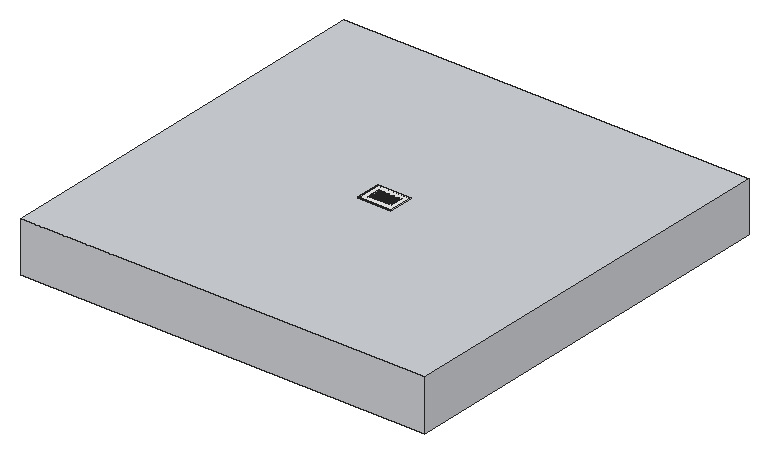
Revit family
Parameters (values of type "T54")
  Version = 2
  Series = "Tri-Flex"  # constant formula
  Rear Blade Spacing = 3/4"
  Product Page URL = "http://www.tuttleandbailey.com/site/site/ecatalog.aspx?model=5cc531cb-84ee-45da-9e02-cef68e8790bb"
  Overall Width [instance] = Duct Inlet Width + 0' 1 3/4"  # 0' - 7 3/4"
  Overall Height [instance] = Duct Inlet Height + 0' 1 3/4"  # 0' - 5 3/4"
  Overall Depth = 0' - 1 3/4"  # constant formula
  Location [instance] = ""
  Frame Void Offset = if(Front Blade Spacing = 0' 0 1/2", 0' 1 1/4", 0' 1 3/16")  # 0' - 1 3/16"
  Duct Inlet Width [instance] = if(Inlet Width < Minimum Inlet Width, Minimum Inlet Width, if(Inlet Width > Maximum Inlet Width, Maximum Inlet Width, Inlet Width))  # 6"
  Duct Inlet Height [instance] = if(Inlet Height < Minimum Inlet Height, Minimum Inlet Height, if(Inlet Height > Maximum Inlet Height, Maximum Inlet Height, Inlet Height))  # 4"
  Inlet Width [instance] = 6"
  Inlet Velocity [instance] = Design Supply Air Flow / (Inlet Width * Inlet Height)  # 0 FPM
  Inlet Height [instance] = 4"
  Grille Depth = Overall Depth - (Frame Thickness)  # 0' - 1 1/2"
  Vertical Blade Offset [instance] = if(Right Vertical Blade Array = Left Vertical Blade Array, 0' 0", Rear Blade Spacing / 2)  # 0"
  Velocity Pressure [instance] = 0.00 in-wg
  Top Horizontal Blade Array [instance] = if(Duct Inlet Height = 0' 6", Number of Horizontal Blades / 2, if(Duct Inlet Height = 1' 0", Number of Horizontal Blades / 2, if(Duct Inlet Height = 1' 6", Number of Horizontal Blades / 2, if(Duct Inlet Height = 2' 0", Number of Horizontal Blades / 2, if(Duct Inlet Height = 2' 6", Number of Horizontal Blades / 2, (Number of Horizontal Blades / 2) - 1)))))  # 2
  Right Vertical Blade Array [instance] = Number of Vertical Blades / 2  # 4
  Opening Width [instance] = Overall Width - (Frame Width * 2)  # 5 1/4"
  Opening Height [instance] = Overall Height - (Frame Width * 2)  # 3 1/4"
  Number of Vertical Blades [instance] = Opening Width / Rear Blade Spacing  # 7
  Number of Horizontal Blades [instance] = (Opening Height / Front Blade Spacing) + 1  # 5
  URL = "http://www.tuttleandbailey.com"
  Type Comments = ""
  Total Static Pressure [instance] = 0.00 in-wg
  Throw [instance] = ""
  Supply Air Pressure Drop [instance] = 0.00 in-wg
  Minimum Inlet Width = 0' 6"  # 6"
  Minimum Inlet Height = 0' 4"  # 4"
  Maximum Inlet Width = 12' 0"  # 144"
  Maximum Inlet Height = 8' 0"  # 96"
  Material = Steel - Tuttle & Bailey - White
  Noise Criteria (dB) [instance] = 0
  Model = "T54-SF-WH"
  Min Flow = 0 CFM
  Max Flow = 0 CFM
  Manufacturer Complete Model Number [instance] = ""
  Manufacturer = "Tuttle & Bailey"  # constant formula
  Left Vertical Blade Array [instance] = if(Duct Inlet Width = 0' 8", (Number of Vertical Blades / 2) + 1, if(Duct Inlet Width = 0' 10", (Number of Vertical Blades / 2) + 1, if(Duct Inlet Width = 1' 4", (Number of Vertical Blades / 2) + 1, if(Duct Inlet Width = 1' 10", (Number of Vertical Blades / 2) + 1, if(Duct Inlet Width = 2' 4", (Number of Vertical Blades / 2) + 1, if(Duct Inlet Width = 2' 10", (Number of Vertical Blades / 2) + 1, Number of Vertical Blades / 2))))))  # 4
  Horizonal Blade Offset [instance] = if(Bottom Horizontal Blade Array = Top Horizontal Blade Array, 0' 0", Front Blade Spacing / 2)  # 3/8"
  Front Blade Spacing = 3/4"
  Frame Width = 1 1/4"
  Frame Thickness = 1/4"
  Design Supply Air Flow [instance] = 0 CFM
  Description = "Double Deflection Adjustable Grille"
  Default Elevation = 8' - 0"
  Bottom Horizontal Blade Array [instance] = if(Duct Inlet Height = 1' 2", ((Number of Horizontal Blades / 2) - 1), if(Duct Inlet Height = 1' 8", ((Number of Horizontal Blades / 2) - 1), if(Duct Inlet Height = 2' 2", ((Number of Horizontal Blades / 2) - 1), if(Duct Inlet Height = 2' 8", ((Number of Horizontal Blades / 2) - 1), if(Duct Inlet Height = 3' 2", ((Number of Horizontal Blades / 2) - 1), if(Duct Inlet Height = 3' 8", ((Number of Horizontal Blades / 2) - 1), Number of Horizontal Blades / 2))))))  # 3
  Border Type = "Surface Mount"
  Blade Thickness = if(Front Blade Spacing = 0' 0 1/2", 0' 0 3/32", 0' 0 1/32")  # 0' - 0 1/32"
  Blade Deflection [instance] = 0.00°
  Grille Size Available [instance] = if(Inlet Width < Minimum Inlet Width, "Not Available", if(Inlet Width > Maximum Inlet Width, "Not Available", if(Inlet Height < Minimum Inlet Height, "Not Available", if(Inlet Height > Maximum Inlet Height, "Not Available", if(Inlet Width > 4' 0", "Multiple Sections", if(Inlet Height > 4' 0", "Multiple Sections", "Yes"))))))  # "Yes"
  Assembly Code = "D3040100"
  Arrow [instance] = yes
Types (3): name | Product Page URL | Frame Void Offset | Top Horizontal Blade Array | Number of Horizontal Blades | Material | Model | Horizonal Blade Offset | Front Blade Spacing | Description | Bottom Horizontal Blade Array | Blade Thickness
  T54 | "http://www.tuttleandbailey.com/site/site/ecatalog.aspx?model=5cc531cb-84ee-45da-9e02-cef68e8790bb" | 0' - 1 3/16" | 2 | 5 | Steel - Tuttle & Bailey - White | "T54-SF-WH" | 3/8" | 3/4" | "Double Deflection Adjustable Grille" | 3 | 0' - 0 1/32"
  A54 | "http://www.tuttleandbailey.com/site/site/ecatalog.aspx?model=c321c6e7-f61a-4cc2-a837-dcad2bd16e31" | 0' - 1 3/16" | 2 | 5 | Aluminum - Tuttle & Bailey - White | "A54-SF-WH" | 3/8" | 3/4" | "Double Deflection Adjustable Grille" | 3 | 0' - 0 1/32"
  T155H | "http://www.tuttleandbailey.com/site/site/ecatalog.aspx?model=0aa156c3-c1ee-401e-a658-097c6ef32f62" | 0' - 1 1/4" | 3 | 8 | Steel - Tuttle & Bailey - White | "T155H-SF-WH" | 1/4" | 1/2" | "Double Deflection Heavy Duty Adjustable Grille" | 4 | 0' - 0 3/32"
Reference planes (in)
  plane 1 "Center (Front/Back)": y = 0
  plane 2 ".": z = 0
  plane 3 "Center (Left/Right)": x = 0
  plane 4: z = 0.25
  plane 5: z = -1.5
  plane 6: x = 3.875
  plane 7: x = -3.875
  plane 8: y = 2.875
  plane 9: y = -2.875
  plane 10: z = 3.25
  plane 11: x = 1.5
  plane 12: x = -1.5
  plane 13: z = 23.25
  plane 14: z = -1.27721
  plane 15: z = 15.25
  plane 16: z = -0.65221
  plane 17: y = 0.375
  plane 18: x = 0
Forms (in)
  Extrusion 1, solid
    sketch origin (0, 0, 0) x (1, 0, 0) y (0, 1, 0)
      loop
        line (-48, 48) -> (-48, -48) -> (48, -48) -> (48, 48) -> (-48, 48)
    from 0 to -12
  Sweep 2, solid, material "Steel - Tuttle & Bailey - White" <- "Material"
    path origin (0, 0, 0.1875) x (1, 0, 0) y (0, 1, 0)
      loop
        line (-3.875, 2.875) -> (-3.875, -2.875) -> (3.875, -2.875) -> (3.875, 2.875) -> (-3.875, 2.875)
    profile origin (0, 2.875, 0.1875) x (0, 1, 0) y (0, 0, 1)
      loop
        line (-0.0625, -0.1875) -> (0, -0.1875) -> (0, 0.0625) -> (-1.25, 0.0625) -> (-1.25, -1.6875) -> (-1.125, -1.6875) -> (-1.125, 0) -> (-0.0625, 0) -> (-0.0625, -0.1875)
  Sweep 3, void
    path origin (0, 0, 0) x (1, 0, 0) y (0, 1, 0)
      loop
        line (-3.875, 2.875) -> (-3.875, -2.875) -> (3.875, -2.875) -> (3.875, 2.875) -> (-3.875, 2.875)
    profile origin (0, 2.875, 0) x (0, 1, 0) y (0, 0, 1)
      loop
        line (-1.1875, -1.5) -> (-1.125, -1.5) -> (-1.125, 0.1875) -> (-1.1875, 0.1875) -> (-1.1875, -1.5)
Cuts and joins
  Sweep 3 cuts Sweep 2
Lines and regions (in)
  model lines, visible <- "Arrow"
    curve 1: line (0, 0, 3.25) -> (0, 0, 15.25)
    curve 2: line (1.5, 0, 15.25) -> (-1.5, 0, 15.25)
    curve 3: line (-1.5, 0, 15.25) -> (0, 0, 23.25)
    curve 4: line (1.5, 0, 15.25) -> (0, 0, 23.25)
  symbolic lines, detail levels coarse+medium
    curve 5: line (-3, 0, 0.25) -> (3, 0, 0.25)
  symbolic lines
    curve 6: line (-3.875, 0, 0) -> (3.875, 0, 0)
  symbolic lines, detail levels fine
    curve 7: line (-3.875, 0, 0.25) -> (-3.875, 0, 0)
    curve 8: line (3.875, 0, 0.25) -> (-3.875, 0, 0.25)
    curve 9: line (3.875, 0, 0) -> (3.875, 0, 0.25)
Dimensions and locks (in)
  locked: Sweep 2 sketch curve to Sweep 2 sketch curve at 0.0625
  locked: Sweep 2 sketch curve to Sweep 2 sketch curve at 0.125
  "Overall Width": Sweep 2 sketch curve to Sweep 2 sketch curve
  equal spacing: Sweep 2 sketch curve, plane 3 "Center (Left/Right)", Sweep 2 sketch curve
  "Overall Height": Sweep 2 sketch curve to Sweep 2 sketch curve
  equal spacing: Sweep 2 sketch curve, plane 1 "Center (Front/Back)", Sweep 2 sketch curve
  locked: Sweep 2 sketch curve to profile plane at 0
  "Overall Width": plane 7 to plane 6
  equal spacing: plane 7, plane 3 "Center (Left/Right)", plane 6
  "Overall Height": plane 8 to plane 9
  equal spacing: plane 8, plane 1 "Center (Front/Back)", plane 9
  locked: plane 14 to plane 5 at 0.22279
  "Frame Width": Sweep 2 sketch curve to plane 8
  locked: Sweep 2 sketch curve to plane 4 at 0.0625
  group 1 to group 2 = 0' - 0"  (x2)
  group 1 to group 2 = 0' - 0 3/4"
  equal spacing: group 1, group 3, group 4  (x2)
  equal spacing: group 4, group 3, group 1
  locked: plane 16 to plane 14 at 0.625
  "Front Blade Spacing": nested 1 to nested 2
  "Front Blade Spacing": nested 3 to nested 1
  "Vertical Blade Offset": plane 3 "Center (Left/Right)" to plane 18
  "Horizonal Blade Offset": plane 1 "Center (Front/Back)" to plane 17
  equal spacing: curve 5, plane 3 "Center (Left/Right)", curve 5
  "Duct Inlet Width": curve 5 to curve 5
  "Grille Depth": plane 2 "." to plane 5
  "Frame Thickness": plane 4 to plane 2 "."
  plane 4 to Sweep 2 sketch curve = 0' - 0 1/16"
  "Grille Depth": plane 2 "." to Sweep 2 sketch curve
  equal spacing: group 5, group 6, group 7, group 10  (x3)
  "Rear Blade Spacing": nested 6 to nested 5
  equal spacing: group 11, group 9, group 8, group 5
  equal spacing: group 5, group 8, group 9, group 11  (x2)
  "Rear Blade Spacing": nested 5 to nested 8
  plane 13 to plane 15 to plane 10 to plane 2 "." = 0' - 8" locked, 1' - 0" locked, 0' - 3 1/4" locked
  equal spacing: plane 11, plane 3 "Center (Left/Right)", plane 12, locked at 1.5 each
  locked: Sweep 3 sketch curve to Sweep 3 sketch curve at 0.0625
  "Frame Void Offset": Sweep 3 sketch curve to plane 8
  aligned and locked: plane 2 "." to Extrusion 1
  aligned and locked: level to Extrusion 1
  aligned and locked: plane 4 to Sweep 2  (x2)
  aligned and locked: plane 8 to Sweep 2
  aligned and locked: Sweep 2 to plane 9
  aligned and locked: level to plane 2 "."
  aligned and locked: nested 1 to Sweep 2  (x3)
  aligned and locked: nested 2 to Sweep 2  (x3)
  aligned and locked: nested 3 to Sweep 2  (x3)
  aligned and locked: nested 4 to Sweep 2
  aligned and locked: Sweep 2 to nested 1  (x4)
  aligned and locked: nested 1 to plane 17
  aligned and locked: nested 5 to plane 18
  aligned and locked: curve 6 to Sweep 2
  aligned and locked: plane 7 to curve 6
  aligned and locked: plane 3 "Center (Left/Right)" to curve 1
  aligned and locked: curve 2 to plane 15
  aligned and locked: Sweep 2 to nested 5  (x4)
  aligned and locked: Sweep 2 sketch curve to plane 2 "."
  aligned and locked: plane 4 to Sweep 2 sketch curve
  aligned and locked: nested 5 to plane 14
  aligned and locked: nested 5 to plane 16
  aligned and locked: nested 6 to plane 16
  aligned and locked: nested 6 to plane 14
  aligned and locked: nested 8 to plane 14
  aligned and locked: nested 8 to plane 16
  aligned and locked: curve 5 to plane 4
  aligned and locked: curve 9 to Sweep 2  (x2)
  aligned and locked: plane 6 to curve 8
  aligned and locked: curve 8 to Sweep 2
  aligned and locked: plane 4 to curve 7
  aligned and locked: Sweep 2 to curve 9
  aligned and locked: nested 5 to Sweep 2  (x2)
  aligned and locked: Sweep 2 to nested 6  (x4)
  aligned and locked: nested 6 to Sweep 2  (x2)
  aligned and locked: Sweep 2 to nested 8  (x4)
  aligned and locked: nested 8 to Sweep 2  (x2)
  aligned and locked: Sweep 2 to nested 2  (x4)
  aligned and locked: Sweep 2 to nested 3  (x4)
  aligned and locked: plane 10 to curve 1
  aligned and locked: plane 11 to curve 4
  aligned and locked: plane 12 to curve 3
  aligned and locked: plane 15 to curve 1
  aligned and locked: Sweep 2 to Sweep 3 sketch curve
  aligned and locked: Sweep 3 sketch curve to Sweep 2  (x3)
  aligned and locked: Sweep 3 sketch curve to cut or joined group of Sweep 2, Sweep 3
  aligned and locked: plane 5 to Sweep 3 sketch curve
Automatic sketch dimensions
  Extrusion 1 sketch curve to Extrusion 1 sketch curve = 8' - 0"  (x2)
  curve 4 to plane 3 "Center (Left/Right)" = 0' - 0"
  plane 13 to curve 3 = 0' - 0"
Nested families (in)
  nested 1: "Tuttle_and_Bailey-Louver-Horizontal" at (0, 0.375, 0.1875), type "Tuttle_and_Bailey-Louver-Horizontal", detail levels fine
  nested 2: "Tuttle_and_Bailey-Louver-Horizontal" at (0, 1.125, 0.1875), type "Tuttle_and_Bailey-Louver-Horizontal", detail levels fine
  nested 3: "Tuttle_and_Bailey-Louver-Horizontal" at (0, -0.375, 0.1875), type "Tuttle_and_Bailey-Louver-Horizontal", detail levels fine
  nested 4: "Tuttle_and_Bailey-Louver-Horizontal" at (0, -1.125, 0.1875), type "Tuttle_and_Bailey-Louver-Horizontal", detail levels fine
  nested 5: "Tuttle_and_Bailey-Louver-Vertical" at (0, 0, -0.65221) x (0, 1, 0) z (0, 0, 1), type "Tuttle_and_Bailey-Louver-Vertical", detail levels fine
  nested 6: "Tuttle_and_Bailey-Louver-Vertical" at (0.75, 0, -0.65221) x (0, 1, 0) z (0, 0, 1), type "Tuttle_and_Bailey-Louver-Vertical", detail levels fine
  nested 7: "Tuttle_and_Bailey-Louver-Vertical" at (1.5, 0, -0.65221) x (0, 1, 0) z (0, 0, 1), type "Tuttle_and_Bailey-Louver-Vertical", detail levels fine
  nested 8: "Tuttle_and_Bailey-Louver-Vertical" at (-0.75, 0, -0.65221) x (0, 1, 0) z (0, 0, 1), type "Tuttle_and_Bailey-Louver-Vertical", detail levels fine
  nested 9: "Tuttle_and_Bailey-Louver-Vertical" at (-1.5, 0, -0.65221) x (0, 1, 0) z (0, 0, 1), type "Tuttle_and_Bailey-Louver-Vertical", detail levels fine
  nested 10: "Tuttle_and_Bailey-Louver-Vertical" at (2.25, 0, -0.65221) x (0, 1, 0) z (0, 0, 1), type "Tuttle_and_Bailey-Louver-Vertical", detail levels fine
  nested 11: "Tuttle_and_Bailey-Louver-Vertical" at (-2.25, 0, -0.65221) x (0, 1, 0) z (0, 0, 1), type "Tuttle_and_Bailey-Louver-Vertical", detail levels fine
Connectors (in)
  hvac at (0, 0, 0), driven by "Supply Air Pressure Drop", driven by "Design Supply Air Flow", driven by "Inlet Height", driven by "Inlet Width"
    settings: on Sweep 2, index 1, duct flow 0 CFM, flow factor 0, pres drop 0.00 in-wg, loss coef 0, conn angle 0.00°, conn width 6", conn height 4", conn radius 12", duct sys type 1, conn prof type 1, flow config 1, flow direction 1, loss method 4, conn ref index -1, conn util no, is conn primary yes, conn desc "Supply Air Inlet Connection"
Definition of nested family "Tuttle_and_Bailey-Louver-Horizontal"
  Parameters (values of type "Tuttle_and_Bailey-Louver-Horizontal")
    URL = "http://www.tuttleandbailey.com"
    Nominal Inlet Width = 5 1/4"
    Nominal Inlet Height = 5 1/4"
    Nominal Depth = 0' - 0 5/8"
    Model = "T54-SF-WH"
    Material = Steel - Tuttle & Bailey - White
    Manufacturer = "Tuttle & Bailey"  # constant formula
    Description = "Louver"
    CADworks URL = "http://www.CADworks.net"
    Blade Thickness = 0' - 0 1/32"
    Assembly Code = "D3040100"
  Reference planes (in)
    plane 1 "Center (Front/Back)": y = 0
    plane 2: z = 0
    plane 3 "Center (Left/Right)": x = 0
    plane 4: z = -0.625
    plane 5: x = -2.625
    plane 6: x = 2.625
  Forms (in)
    Extrusion 1, solid, material "Steel - Tuttle & Bailey - White" <- "Material"
      sketch origin (0, 0, 0) x (0, 1, 0) y (0, 0, 1)
        loop
          line (-0.01563, -0.625) -> (0.01562, -0.625) -> (0.04116, -0.04208)
          arc (0.04116, -0.04208) -> (0, 0) -> (-0.04116, -0.04208) r 0.04117
          line (-0.04116, -0.04208) -> (-0.01563, -0.625)
      from -2.625 to 2.625
  Dimensions and locks (in)
    locked: plane 2 to Extrusion 1 sketch curve at 0
    "Nominal Depth": plane 2 to plane 4
    equal spacing: plane 6, plane 3 "Center (Left/Right)", plane 5
    "Nominal Inlet Width": plane 6 to plane 5
    equal spacing: Extrusion 1 sketch curve, plane 1 "Center (Front/Back)", Extrusion 1 sketch curve
    "Blade Thickness": Extrusion 1 sketch curve to Extrusion 1 sketch curve
    Extrusion 1 sketch curve to Extrusion 1 sketch curve = 0' - 0.08233"
    aligned and locked: plane 4 to Extrusion 1 sketch curve
    aligned and locked: Extrusion 1 to plane 5
    aligned and locked: Extrusion 1 to plane 6
  Automatic sketch dimensions
    Extrusion 1 sketch curve to plane 1 "Center (Front/Back)" = 0' - 0"
    plane 1 "Center (Front/Back)" to Extrusion 1 sketch curve = 0' - 0.04116"
    Extrusion 1 sketch curve to level = 0' - 0.04208"
    Extrusion 1 sketch curve to Extrusion 1 sketch curve = 0' - 0.0009"
Definition of nested family "Tuttle_and_Bailey-Louver-Vertical"
  Parameters (values of type "Tuttle_and_Bailey-Louver-Vertical")
    URL = "http://www.tuttleandbailey.com"
    Nominal Inlet Width = 3 1/4"
    Nominal Inlet Height = 5 1/4"
    Nominal Depth = 0' - 0 5/8"
    Model = "T54-SF-WH"
    Material = Steel - Tuttle & Bailey - White
    Manufacturer = "Titus"  # constant formula
    Description = "Louver"
    CADworks URL = "http://www.tuttleandbailey.com/site/site/ecatalog.aspx?model=5cc531cb-84ee-45da-9e02-cef68e8790bb"
    Blade Thickness = 0' - 0 1/32"
    Assembly Code = "D3040100"
  Reference planes (in)
    plane 1 "Center (Front/Back)": y = 0
    plane 2: z = 0
    plane 3 "Center (Left/Right)": x = 0
    plane 4: z = -0.625
    plane 5: x = -1.625
    plane 6: x = 1.625
  Forms (in)
    Extrusion 1, solid, material "Steel - Tuttle & Bailey - White" <- "Material"
      sketch origin (0, 0, 0) x (0, 1, 0) y (0, 0, 1)
        loop
          line (-0.01563, -0.625) -> (0.01562, -0.625) -> (0.04116, -0.04208)
          arc (0.04116, -0.04208) -> (0, 0) -> (-0.04116, -0.04208) r 0.04117
          line (-0.04116, -0.04208) -> (-0.01563, -0.625)
      from -1.625 to 1.625
  Dimensions and locks (in)
    locked: plane 2 to Extrusion 1 sketch curve at 0
    "Nominal Depth": plane 2 to plane 4
    equal spacing: plane 6, plane 3 "Center (Left/Right)", plane 5
    "Nominal Inlet Width": plane 6 to plane 5
    equal spacing: Extrusion 1 sketch curve, plane 1 "Center (Front/Back)", Extrusion 1 sketch curve
    "Blade Thickness": Extrusion 1 sketch curve to Extrusion 1 sketch curve
    locked: Extrusion 1 sketch curve to Extrusion 1 sketch curve at 0.08233
    aligned and locked: plane 4 to Extrusion 1 sketch curve
    aligned and locked: Extrusion 1 to plane 5
    aligned and locked: Extrusion 1 to plane 6
  Automatic sketch dimensions
    Extrusion 1 sketch curve to plane 1 "Center (Front/Back)" = 0' - 0"
    plane 1 "Center (Front/Back)" to Extrusion 1 sketch curve = 0' - 0.04116"
    Extrusion 1 sketch curve to level = 0' - 0.04208"
    Extrusion 1 sketch curve to Extrusion 1 sketch curve = 0' - 0.0009"
